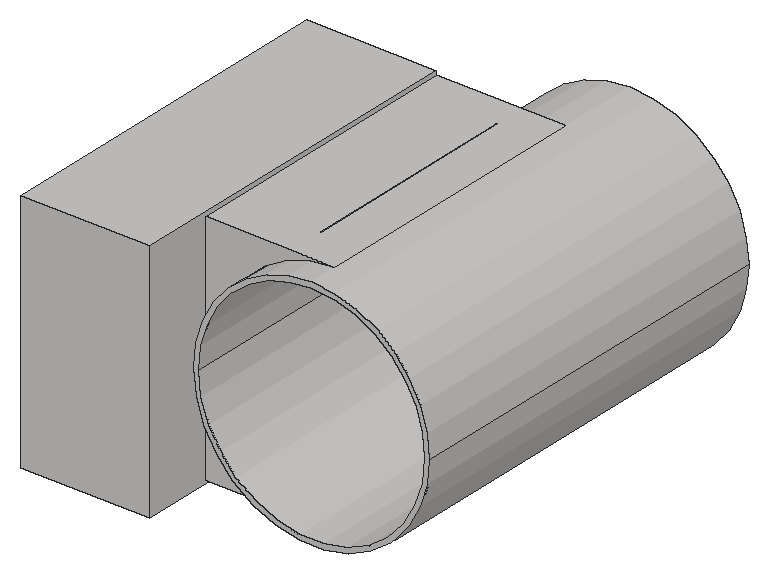
Revit family
Parameters
  Unit Weight = "23.0 lbs"
  URL = "http://www.titus-hvac.com/"
  Static Pressure [instance] = 0.00 in-wg
  Nominal Width = 1' - 7"
  Nominal Length = 1' - 10"
  Nominal Inlet Size = 1' - 0"
  Nominal Inlet Length = 1' - 8"
  Nominal Height = 1' - 0 1/4"
  Model = "DECV"
  Min. Air Flow = 0 CFM
  Max. Air Flow = 2000 CFM
  Material = Steel
  Manufacturer = "Titus"
  Inlet Radius = 0' - 5 15/16"
  Inlet Opening Radius = 0' - 5 11/16"
  Inlet Offset = 0' - 4"
  Inlet Extrusion Radius = 0' - 5 15/16"
  Inlet Diameter = 0' - 11 7/8"
  Inlet = Duct D / 2  # 0' - 5 15/16"
  Duct D = 0' - 11 7/8"
  Design Air Flow [instance] = 0 CFM
  Description = "Digital Control Terminal Unit, Retrofit, Variable Volume"
  Control Box Offset = 0' - 6 9/16"
  CADworks URL = "www.CADworks.net"
  Assembly Code = "D3040100"
Reference planes (in)
  plane 1 "Center (Front/Back)": y = 0
  plane 2: z = 0
  plane 3 "Center (Left/Right)": x = 0
  plane 4: x = -6.5625
  plane 5: y = 6
  plane 6: y = 10
  plane 7: y = -10
  plane 8: y = -10
  plane 9: z = 6.125
  plane 10: z = -6.125
  plane 11: x = -13.0625
  plane 12: x = 5.9375
  plane 13: y = -12
Forms (in)
  Extrusion 1, solid, material "Steel" <- "Material"
    sketch origin (0, 6, 0) x (-1, 0, 0) y (0, 0, -1)
      loop
        line (6.5625, -6.125) -> (13.0625, -6.125) -> (13.0625, 6.125) -> (6.5625, 6.125) -> (6.5625, -6.125)
    from 0 to 18
  Extrusion 2, solid, material "Steel" <- "Material"
    sketch origin (0, 10, 0) x (1, 0, 0) y (0, 0, 1)
      loop
        line (-6.5625, -5.9375) -> (0, -5.9375)
        arc (0, -5.9375) -> (-5.9375, 0) -> (0, 5.9375) r 5.9375
        line (0, 5.9375) -> (-6.5625, 5.9375) -> (-6.5625, -5.9375)
    from 4 to 18.5
  Extrusion 3, solid, material "Steel" <- "Material"
    sketch origin (0, -8.5, 0) x (1, 0, 0) y (0, 0, 1)
      loop
        circle (0, 0) r 5.9375
    from -18.5 to 1.5
  Extrusion 4, void
    sketch origin (0, -10, 0) x (-1, 0, 0) y (0, 0, 1)
      loop
        circle (0, 0) r 5.6875
    from 0 to 24
Cuts and joins
  Extrusion 4 cuts Extrusion 2
  Extrusion 4 cuts Extrusion 3
Dimensions and locks (in)
  locked: Extrusion 1 to Extrusion 1 at 18
  locked: Extrusion 3 sketch curve to level at 0
  locked: Extrusion 3 sketch curve to plane 3 "Center (Left/Right)" at 0
  "Control Box Offset": plane 3 "Center (Left/Right)" to Extrusion 1
  locked: Extrusion 1 sketch curve to Extrusion 1 sketch curve at 6.5
  locked: Extrusion 1 sketch curve to Extrusion 1 sketch curve at 12.25
  equal spacing: Extrusion 1 sketch curve, plane 2, Extrusion 1 sketch curve
  "Inlet Offset": plane 6 to plane 5
  locked: Extrusion 1 to plane 5 at 0
  "Inlet Diameter": Extrusion 2 sketch curve to Extrusion 2 sketch curve
  equal spacing: Extrusion 2 sketch curve, plane 2, Extrusion 2 sketch curve
  "Control Box Offset": plane 4 to plane 3 "Center (Left/Right)"
  "Inlet Offset": plane 6 to cut or joined group of Extrusion 2, Extrusion 4
  locked: cut or joined group of Extrusion 3, Extrusion 4 to plane 6 at 0
  "Nominal Inlet Length": cut or joined group of Extrusion 3, Extrusion 4 to cut or joined group of Extrusion 3, Extrusion 4
  equal spacing: cut or joined group of Extrusion 3, Extrusion 4, plane 1 "Center (Front/Back)", cut or joined group of Extrusion 3, Extrusion 4
  "Nominal Inlet Length": plane 7 to plane 6
  equal spacing: plane 7, plane 1 "Center (Front/Back)", plane 6
  locked: plane 7 to cut or joined group of Extrusion 2, Extrusion 4 at 1.5
  locked: plane 8 to plane 6 at 20
  locked: plane 9 to plane 10 at 12.25
  "Inlet Radius": radius of Extrusion 3 sketch curve
  "Inlet Extrusion Radius": radius of Extrusion 2 sketch curve
  "Inlet Opening Radius": radius of Extrusion 4 sketch curve
  aligned and locked: plane 3 "Center (Left/Right)" to connector elem
  aligned and locked: connector elem to plane 3 "Center (Left/Right)"
  aligned and locked: cut or joined group of Extrusion 2, Extrusion 4 to Extrusion 1  (x2)
  aligned and locked: plane 3 "Center (Left/Right)" to Extrusion 2 sketch curve
  aligned and locked: plane 4 to Extrusion 1
Automatic sketch dimensions
  plane 4 to Extrusion 1 sketch curve = 0' - 0"
  Extrusion 2 sketch curve to plane 4 = 0' - 0"
Connectors (in)
  hvac at (0, -10, 0), driven by "Design Air Flow", driven by "Inlet", driven by "Static Pressure"
    settings: on cut or joined group of Extrusion 3, Extrusion 4, index 1
  hvac at (0, 10, 0), driven by "Static Pressure", driven by "Design Air Flow", driven by "Inlet"
    settings: on cut or joined group of Extrusion 3, Extrusion 4, index 2
